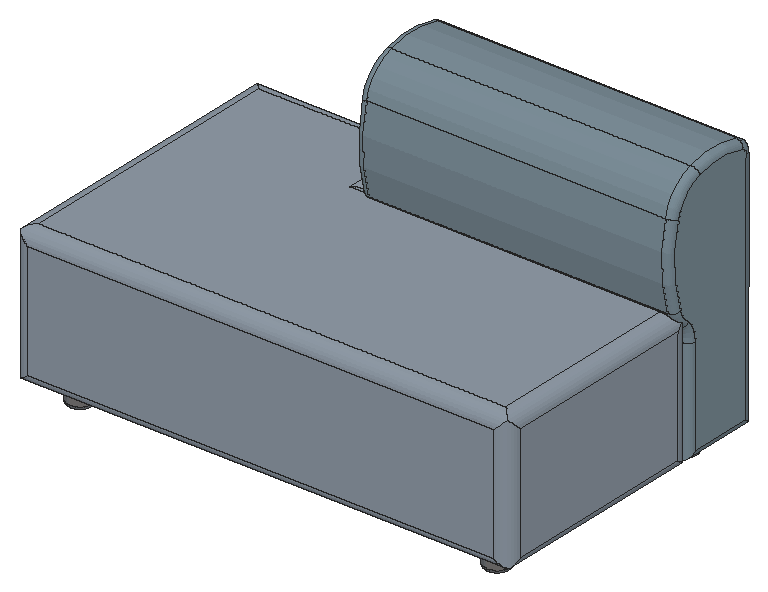
Revit family "FU_Modular_Sandler_Charlotte 102", category Furniture, Revit 2022
Family settings
  OmniClass Number = 23.40.20.00
  OmniClass Title = General Furniture and Specialties
  Work Plane-Based = No
  Always vertical = Yes
  Cut with Voids When Loaded = No
  Render Appearance Source = Family Geometry
  Shared = No
  Room Calculation Point = No
Parameters (values of type "Charlotte 102")
  Width = 1360 mm
  URL = "https://www.sandlerseating.com/product/charlotte-102/"
  Shell [instance] = Fabric - Gravity - Frozen CPC27
  Model = "Charlotte 102"
  Manufacturer = "Sandler"
  Height = 782 mm
  Description = "Modular seating unit with left-hand backrest in the Charlotte modular sofa series. Wooden frame. Made in America."
  Depth = 835 mm
  Default Elevation = 0 mm
  Back [instance] = Fabric - Mainline Flax - Epping MLF51
Reference planes
  plane 1 "Center (Front/Back)": y = 0
  plane 2: z = 0
  plane 3 "Center (Left/Right)": x = 0
  plane 4 "Right": x = -680
  plane 5 "Left": x = 680
  plane 6 "Back": y = 417.5
  plane 7 "Front": y = -417.5
  plane 8 "Height": z = 782
  plane 9 "Seat Height": z = 440
  plane 10 "Seat Base": z = 62.5
  plane 11 "leg left": x = -571.946
  plane 12 "back left leg": y = 321.481
Forms (mm)
  Extrusion 1, solid, material "Fabric - Gravity - Frozen CPC27" <- "Shell"
    sketch origin (0, 0, 62.5) x (-1, 0, 0) y (0, -1, 0)
      loop
        line (680, -417.5) -> (680, 417.5) -> (-680, 417.5) -> (-680, -202.5) -> (180, -202.5) -> (180, -417.5) -> (680, -417.5)
    from 0 to 377.5
  Sweep 2, void
    path in 3D
      loop
        line (680, -417.5, 440) -> (680, 202.5, 440) -> (-180, 202.5, 440) -> (-180, 417.5, 440) -> (-680, 417.5, 440) -> (-680, -417.5, 440) -> (680, -417.5, 440)
    profile "Pro_edgeCut_40mm : Pro_edgeCut_40mm" origin (0, -417.5, 440) x (0, 1, 0) y (0, 0, 1)
      loop
        line (7.071, 21.213) -> (-21.213, -7.071) -> (0, -40)
        arc (0, -40) -> (11.716, -11.716) -> (40, 0) r 40
        line (40, 0) -> (7.071, 21.213)
  Sweep 3, void
    path in 3D
      loop
        line (-680, -417.5, 501.25) -> (-680, -417.5, 1.25)
    profile "Pro_edgeCut_40mm : Pro_edgeCut_40mm" origin (-680, -417.5, 251.25) x (0, -1, 0) y (-1, 0, 0)
      loop
        line (-7.071, 21.213) -> (-40, 0)
        arc (-40, 0) -> (-11.716, -11.716) -> (0, -40) r 40
        line (0, -40) -> (21.213, -7.071) -> (-7.071, 21.213)
  Sweep 4, void
    path in 3D
      loop
        line (680, -417.5, 501.25) -> (680, -417.5, 1.25)
    profile "Pro_edgeCut_40mm : Pro_edgeCut_40mm" origin (680, -417.5, 251.25) x (0, 1, 0) y (1, 0, 0)
      loop
        line (7.071, 21.213) -> (-21.213, -7.071) -> (0, -40)
        arc (0, -40) -> (11.716, -11.716) -> (40, 0) r 40
        line (40, 0) -> (7.071, 21.213)
  Sweep 5, void
    path in 3D
      loop
        line (680, 202.5, 501.25) -> (680, 202.5, 1.25)
    profile "Pro_edgeCut_40mm : Pro_edgeCut_40mm" origin (680, 202.5, 251.25) x (0, 1, 0) y (1, 0, 0)
      loop
        line (-7.071, 21.213) -> (-40, 0)
        arc (-40, 0) -> (-11.716, -11.716) -> (0, -40) r 40
        line (0, -40) -> (21.213, -7.071) -> (-7.071, 21.213)
  Sweep 6, void
    path in 3D
      loop
        line (-680, 417.5, 501.25) -> (-680, 417.5, 1.25)
    profile "Pro_edgeCut_40mm : Pro_edgeCut_40mm" origin (-680, 417.5, 251.25) x (0, -1, 0) y (-1, 0, 0)
      loop
        line (7.071, 21.213) -> (-21.213, -7.071) -> (0, -40)
        arc (0, -40) -> (11.716, -11.716) -> (40, 0) r 40
        line (40, 0) -> (7.071, 21.213)
  Sweep 7, void
    path in 3D
      loop
        line (-680, -417.5, 62.5) -> (-680, 417.5, 62.5) -> (-180, 417.5, 62.5) -> (-180, 202.5, 62.5) -> (680, 202.5, 62.5) -> (680, -417.5, 62.5) -> (-680, -417.5, 62.5)
    profile "Pro_edgeCut_20mm : Pro_edgeCut_20mm" origin (0, -417.5, 62.5) x (0, 1, 0) y (0, 0, -1)
      loop
        line (7.071, 21.213) -> (-21.213, -7.071) -> (0, -20)
        arc (0, -20) -> (5.858, -5.858) -> (20, 0) r 20
        line (20, 0) -> (7.071, 21.213)
  Sweep 8, solid, material "Fabric - Mainline Flax - Epping MLF51" <- "Back"
    path origin (0, 0, 62.5) x (-1, 0, 0) y (0, -1, 0)
      loop
        line (180, -202.5) -> (-680, -202.5)
    profile "Pro_Charlotte-Back : Pro_Charlotte-Back" origin (250, 202.5, 62.5) x (0, 1, 0) y (0, 0, 1)
      loop
        line (0, 0) -> (214.062, 0) -> (214.062, 669.664)
        arc (214.062, 669.664) -> (206.244, 693.42) -> (185.846, 707.889) r 40
        arc (185.846, 707.889) -> (107.5, 719.853) -> (29.059, 708.523) r 269.65
        arc (29.059, 708.523) -> (-26.617, 674.38) -> (-58.065, 617.139) r 127.429
        arc (-58.065, 617.139) -> (-70.785, 498.243) -> (-50.939, 380.326) r 438.859
        arc (-50.939, 380.326) -> (-37.351, 353.299) -> (-15.847, 332.025) r 93.511
        arc (-15.847, 332.025) -> (-4.041, 311.369) -> (0, 287.923) r 68.607
        line (0, 287.923) -> (0, 0)
  Sweep 9, void
    path in 3D
      loop
        arc (680, 416.562, 732.164) -> (680, 408.744, 755.92) -> (680, 388.346, 770.389) r 40
        arc (680, 388.346, 770.389) -> (680, 310, 782.353) -> (680, 231.559, 771.023) r 269.65
        arc (680, 231.559, 771.023) -> (680, 175.883, 736.88) -> (680, 144.435, 679.639) r 127.429
        arc (680, 144.435, 679.639) -> (680, 131.715, 560.743) -> (680, 151.561, 442.826) r 438.859
        arc (680, 151.561, 442.826) -> (680, 165.149, 415.799) -> (680, 186.653, 394.525) r 93.511
        arc (680, 186.653, 394.525) -> (680, 198.459, 373.869) -> (680, 202.5, 350.423) r 68.607
        line (680, 202.5, 350.423) -> (680, 202.5, 62.5) -> (680, 416.562, 62.5) -> (680, 416.562, 732.164)
    profile "Pro_edgeCut_20mm : Pro_edgeCut_20mm" origin (680, 416.562, 397.332) x (0, -1, 0) y (1, 0, 0)
      loop
        line (7.071, 21.213) -> (-21.213, -7.071) -> (0, -20)
        arc (0, -20) -> (5.858, -5.858) -> (20, 0) r 20
        line (20, 0) -> (7.071, 21.213)
  Sweep 10, void
    path in 3D
      loop
        line (-180, 416.562, 62.5) -> (-180, 202.5, 62.5) -> (-180, 202.5, 350.423)
        arc (-180, 202.5, 350.423) -> (-180, 198.459, 373.869) -> (-180, 186.653, 394.525) r 68.607
        arc (-180, 186.653, 394.525) -> (-180, 165.149, 415.799) -> (-180, 151.561, 442.826) r 93.511
        arc (-180, 151.561, 442.826) -> (-180, 131.715, 560.743) -> (-180, 144.435, 679.639) r 438.859
        arc (-180, 144.435, 679.639) -> (-180, 175.883, 736.88) -> (-180, 231.559, 771.023) r 127.429
        arc (-180, 231.559, 771.023) -> (-180, 310, 782.353) -> (-180, 388.346, 770.389) r 269.65
        arc (-180, 388.346, 770.389) -> (-180, 408.744, 755.92) -> (-180, 416.562, 732.164) r 40
        line (-180, 416.562, 732.164) -> (-180, 416.562, 62.5)
    profile "Pro_edgeCut_20mm : Pro_edgeCut_20mm" origin (-180, 416.562, 397.332) x (0, -1, 0) y (-1, 0, 0)
      loop
        line (7.071, 21.213) -> (-21.213, -7.071) -> (0, -20)
        arc (0, -20) -> (5.858, -5.858) -> (20, 0) r 20
        line (20, 0) -> (7.071, 21.213)
  Sweep 11, void
    path in 3D
      loop
        line (-200, 416.562, 62.5) -> (700, 416.562, 62.5)
    profile "Pro_edgeCut_20mm : Pro_edgeCut_20mm" origin (250, 416.562, 62.5) x (0, -1, 0) y (0, 0, -1)
      loop
        line (7.071, 21.213) -> (-21.213, -7.071) -> (0, -20)
        arc (0, -20) -> (5.858, -5.858) -> (20, 0) r 20
        line (20, 0) -> (7.071, 21.213)
  Revolve 12, solid, material "Wood Black Stain"
    sketch origin (0, 321.481, 0) x (-1, 0, 0) y (0, 0, 1)
      loop
        line (606.755, 62.5) -> (571.946, 62.5) -> (571.946, 0) -> (598.773, 0)
        arc (598.773, 0) -> (604.417, 2.338) -> (606.755, 7.982) r 7.982
        line (606.755, 7.982) -> (606.755, 62.5)
      axis (571.946, 62.5) -> (571.946, 0)
    angle from 0 to 360
  Revolve 13, solid, material "Wood Black Stain"
    sketch origin (0, 321.481, 0) x (1, 0, 0) y (0, 0, -1)
      loop
        line (606.755, -62.5) -> (606.755, -7.982)
        arc (606.755, -7.982) -> (604.417, -2.338) -> (598.773, 0) r 7.982
        line (598.773, 0) -> (571.946, 0) -> (571.946, -62.5) -> (606.755, -62.5)
      axis (571.946, -62.5) -> (571.946, 0)
    angle from 0 to 360
  Revolve 14, solid, material "Wood Black Stain"
    sketch origin (0, -321.481, 0) x (-1, 0, 0) y (0, 0, -1)
      loop
        line (606.755, -62.5) -> (606.755, -7.982)
        arc (606.755, -7.982) -> (604.417, -2.338) -> (598.773, 0) r 7.982
        line (598.773, 0) -> (571.946, 0) -> (571.946, -62.5) -> (606.755, -62.5)
      axis (571.946, -62.5) -> (571.946, 0)
    angle from 0 to 360
  Revolve 15, solid, material "Wood Black Stain"
    sketch origin (0, -321.481, 0) x (1, 0, 0) y (0, 0, 1)
      loop
        line (606.755, 62.5) -> (571.946, 62.5) -> (571.946, 0) -> (598.773, 0)
        arc (598.773, 0) -> (604.417, 2.338) -> (606.755, 7.982) r 7.982
        line (606.755, 7.982) -> (606.755, 62.5)
      axis (571.946, 62.5) -> (571.946, 0)
    angle from 0 to 360
Cuts and joins
  Sweep 2, Sweep 3, Sweep 4, Sweep 5, Sweep 6, Sweep 7 cuts Extrusion 1
  Sweep 9, Sweep 10, Sweep 11 cuts Sweep 8
Lines and regions (mm)
  sketch lines
    curve 1: line (-680, -417.5, 440) -> (680, -417.5, 440)
    curve 2: line (680, -417.5, 440) -> (680, 202.5, 440)
    curve 3: line (680, 202.5, 440) -> (-180, 202.5, 440)
    curve 4: line (-180, 202.5, 440) -> (-180, 417.5, 440)
    curve 5: line (-180, 417.5, 440) -> (-680, 417.5, 440)
    curve 6: line (-680, 417.5, 440) -> (-680, -417.5, 440)
    curve 7: line (-680, -417.5, 501.25) -> (-680, -417.5, 1.25)
    curve 8: line (680, -417.5, 501.25) -> (680, -417.5, 1.25)
    curve 9: line (680, 202.5, 501.25) -> (680, 202.5, 1.25)
    curve 10: line (-680, 417.5, 501.25) -> (-680, 417.5, 1.25)
    curve 11: line (680, -417.5, 62.5) -> (-680, -417.5, 62.5)
    curve 12: line (680, 202.5, 62.5) -> (680, -417.5, 62.5)
    curve 13: line (-180, 202.5, 62.5) -> (680, 202.5, 62.5)
    curve 14: line (-180, 417.5, 62.5) -> (-180, 202.5, 62.5)
    curve 15: line (-680, 417.5, 62.5) -> (-180, 417.5, 62.5)
    curve 16: line (-680, -417.5, 62.5) -> (-680, 417.5, 62.5)
    curve 17: line (680, 416.562, 62.5) -> (680, 416.562, 732.164)
    curve 18: arc (680, 388.346, 770.389) -> (680, 408.744, 755.92) -> (680, 416.562, 732.164) r 40
    curve 19: arc (680, 231.559, 771.023) -> (680, 310, 782.353) -> (680, 388.346, 770.389) r 269.65
    curve 20: arc (680, 144.435, 679.639) -> (680, 175.883, 736.88) -> (680, 231.559, 771.023) r 127.429
    curve 21: arc (680, 151.561, 442.826) -> (680, 131.715, 560.743) -> (680, 144.435, 679.639) r 438.859
    curve 22: arc (680, 186.653, 394.525) -> (680, 165.149, 415.799) -> (680, 151.561, 442.826) r 93.511
    curve 23: arc (680, 202.5, 350.423) -> (680, 198.459, 373.869) -> (680, 186.653, 394.525) r 68.607
    curve 24: line (680, 202.5, 350.423) -> (680, 202.5, 62.5)
    curve 25: line (680, 202.5, 62.5) -> (680, 416.562, 62.5)
    curve 26: line (-180, 416.562, 732.164) -> (-180, 416.562, 62.5)
    curve 27: arc (-180, 416.562, 732.164) -> (-180, 408.744, 755.92) -> (-180, 388.346, 770.389) r 40
    curve 28: arc (-180, 388.346, 770.389) -> (-180, 310, 782.353) -> (-180, 231.559, 771.023) r 269.65
    curve 29: arc (-180, 231.559, 771.023) -> (-180, 175.883, 736.88) -> (-180, 144.435, 679.639) r 127.429
    curve 30: arc (-180, 144.435, 679.639) -> (-180, 131.715, 560.743) -> (-180, 151.561, 442.826) r 438.859
    curve 31: arc (-180, 151.561, 442.826) -> (-180, 165.149, 415.799) -> (-180, 186.653, 394.525) r 93.511
    curve 32: arc (-180, 186.653, 394.525) -> (-180, 198.459, 373.869) -> (-180, 202.5, 350.423) r 68.607
    curve 33: line (-180, 416.562, 62.5) -> (-180, 202.5, 62.5)
    curve 34: line (-180, 202.5, 62.5) -> (-180, 202.5, 350.423)
    curve 35: line (-200, 416.562, 62.5) -> (700, 416.562, 62.5)
Dimensions and locks
  equal spacing: plane 6 "Back", plane 1 "Center (Front/Back)", plane 7 "Front"
  "Depth": plane 6 "Back" to plane 7 "Front"
  equal spacing: plane 4 "Right", plane 3 "Center (Left/Right)", plane 5 "Left"
  "Width": plane 4 "Right" to plane 5 "Left"
  "Height": plane 8 "Height" to level
  aligned and locked: level to plane 2
Automatic sketch dimensions
  Extrusion 1 sketch curve to plane 5 "Left" = 0 mm
  Extrusion 1 sketch curve to plane 6 "Back" = 0 mm
  Extrusion 1 sketch curve to plane 4 "Right" = 0 mm
  Extrusion 1 sketch curve to plane 7 "Front" = 0 mm
  Extrusion 1 sketch curve to plane 3 "Center (Left/Right)" = 180 mm
  Extrusion 1 sketch curve to plane 12 "back left leg" = 118.981 mm
  Sweep 8 sketch curve to plane 5 "Left" = 0 mm
  Sweep 8 sketch curve to plane 12 "back left leg" = 118.981 mm
  Sweep 8 sketch curve to plane 3 "Center (Left/Right)" = 180 mm
  Revolve 12 sketch curve to plane 10 "Seat Base" = 0 mm
  Revolve 12 sketch curve to plane 11 "leg left" = 0 mm  (x2)
  Revolve 12 sketch curve to level = 0 mm
  level to Revolve 12 sketch curve = 7.982 mm
  Revolve 12 sketch curve to plane 11 "leg left" = 26.826 mm
  Revolve 12 sketch curve to level = 8.479 mm
  Revolve 12 sketch curve to Revolve 12 sketch curve = 12.943 mm
  Revolve 13 sketch curve to plane 10 "Seat Base" = 0 mm
  Revolve 13 sketch curve to level = 0 mm
  Revolve 13 sketch curve to plane 5 "Left" = 108.054 mm
  level to Revolve 13 sketch curve = 7.982 mm
  Revolve 13 sketch curve to Revolve 13 sketch curve = 26.826 mm
  Revolve 13 sketch curve to Revolve 13 sketch curve = 0 mm
  Revolve 13 sketch curve to Revolve 13 sketch curve = 12.943 mm
  Revolve 13 sketch curve to level = 8.479 mm
  Revolve 14 sketch curve to plane 10 "Seat Base" = 0 mm
  Revolve 14 sketch curve to plane 11 "leg left" = 0 mm  (x2)
  Revolve 14 sketch curve to level = 0 mm
  level to Revolve 14 sketch curve = 7.982 mm
  Revolve 14 sketch curve to plane 11 "leg left" = 26.826 mm
  Revolve 14 sketch curve to Revolve 14 sketch curve = 12.943 mm
  Revolve 14 sketch curve to level = 8.479 mm
  Revolve 15 sketch curve to plane 10 "Seat Base" = 0 mm
  Revolve 15 sketch curve to level = 0 mm
  Revolve 15 sketch curve to plane 5 "Left" = 108.054 mm
  level to Revolve 15 sketch curve = 7.982 mm
  Revolve 15 sketch curve to Revolve 15 sketch curve = 26.826 mm
  Revolve 15 sketch curve to Revolve 15 sketch curve = 0 mm
  Revolve 15 sketch curve to level = 8.479 mm
  Revolve 15 sketch curve to Revolve 15 sketch curve = 12.943 mm
